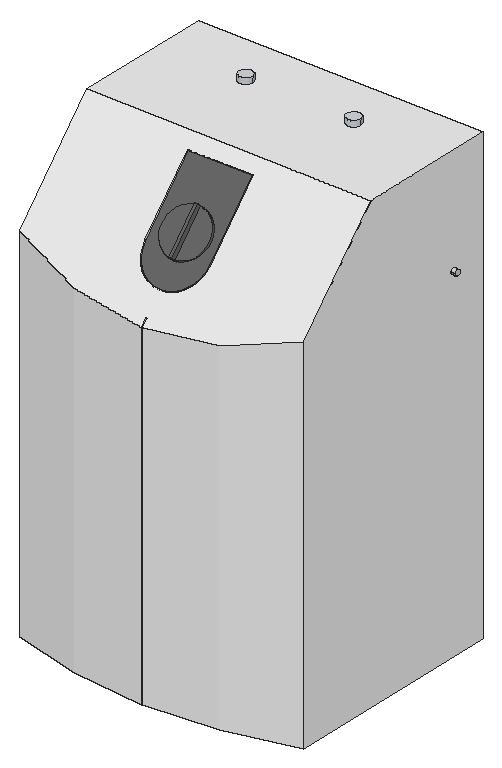
Revit family "Plumbing Fixture_Water Heater_Stiebel Eltron_SNU", category Plumbing Fixtures, Revit 2015
Parameters (values of type "5")
  Waste Connection = no
  Vent Connection = no
  URL = "http://www.stiebel.com.au/"
  Type Comments = "Instantaneous Water Heater"  # constant formula
  Model = "SNU 5"
  Manufacturer_URL__Product Specific = "http://www.stiebel.com.au/water-heating/snu-under-sink-point-of-use-water-heater"
  Manufacturer_Spec Code = Model  # "SNU 5"
  Manufacturer_Overall Width = 263 mm
  Manufacturer_Overall Height = 421 mm
  Manufacturer_Overall Depth = 230 mm
  Manufacturer_Height From FFL [instance] = 250 mm
  Manufacturer = "Stiebel Eltron"  # constant formula
  HW Connection = yes
  Description = "Compact Under Sink Point of Use Water Heater - 5 Litre"
  CreatedBy_ANZRS = "IGS - BIM Solutions"  # constant formula
  CreatedByURL_ANZRS = "http://www.igsgroup.com.au/"
  CW Connection = yes
  Button  Material = z_Stiebel Eltron_Black
  Body Material = z_Stiebel Eltron_White
  ApparentLoad_ANZRS = 2400 VA  # constant formula
Types (2, lengths in mm): name | Model | Manufacturer_Spec Code | Manufacturer_Overall Width | Manufacturer_Overall Height | Manufacturer_Overall Depth | Description
  5 | "SNU 5" | "SNU 5" | 263 | 421 | 230 | "Compact Under Sink Point of Use Water Heater - 5 Litre"
  10 | "SNU 10" | "SNU 10" | 295 | 503 | 275 | "Compact Under Sink Point of Use Water Heater - 10 Litre"
Reference planes
  plane 1 "Center (Front/Back)": y = 0
  plane 2: z = 0
  plane 3 "Center (Left/Right)": x = 0
  plane 4 "Right": x = 131.5
  plane 5 "Left": x = -131.5
  plane 6 "Bottom": z = 250
  plane 7 "top": z = 671
  plane 8 "Back": y = 115
  plane 9 "Front": y = -115
Forms (mm)
  Extrusion 1, solid, material "z_Stiebel Eltron_White" <- "Body Material"
    sketch origin (0, 0, 671) x (-1, 0, 0) y (0, -1, 0)
      loop
        line (131.5, -115) -> (131.5, 115) -> (0.5, 115) -> (0.5, 110) -> (-0.5, 110) -> (-0.5, 115) -> (-131.5, 115) -> (-131.5, -115) -> (131.5, -115)
    from -421 to 0
  Extrusion 2, solid
    sketch origin (-1893.299, -1524, 671) x (-1, 0, 0) y (0, -1, 0)
      loop
        circle (-1843.299, -1591.5) r 6.35
      loop
        circle (-1943.299, -1591.5) r 6.35
    from 4.967 to 0
  Sweep 3, void
    path origin (-112.5, 340, 2900) x (0, 1, 0) y (0, 0, 1)
      loop
        line (-455, -2650) -> (-455, -2229)
    profile origin (-112.5, -115, 460.5) x (0, -1, 0) y (1, 0, 0)
      loop
        line (-80, -124.936) -> (40.737, -124.936) -> (40.737, 349.936) -> (-80, 349.936)
        arc (-80, 349.936) -> (0, 112.5) -> (-80, -124.936) r 392.348
  Sweep 4, void
    path origin (0, -115, 0) x (-1, 0, 0) y (0, 0, 1)
      loop
        line (202.854, 671) -> (-206.874, 671)
    profile origin (2.01, -115, 671) x (0, 0, -1) y (0, 1, 0)
      loop
        line (0, 100) -> (0, 0) -> (108, 0) -> (0, 100)
  Extrusion 5, solid
    sketch origin (131.5, 783.16, 1200) x (0, 1, 0) y (0, 0, -1)
      loop
        circle (-703.16, 629) r 2.5
    from -4.988 to 0
  Extrusion 6, void
    sketch origin (-202.854, -15, 671) x (0, -0.679408, -0.733761) y (1, 0, 0)
      loop
        line (14.026, 232.854) -> (14.026, 172.854) -> (86.881, 172.854)
        arc (86.881, 172.854) -> (116.881, 202.854) -> (86.881, 232.854) r 30
        line (86.881, 232.854) -> (14.026, 232.854)
    from -3.605 to 0
  Extrusion 7, solid, material "z_Stiebel Eltron_Black"
    sketch origin (-202.854, -15, 671) x (0, -0.679408, -0.733761) y (1, 0, 0)
      loop
        circle (71.164, 202.854) r 22
    from 0 to 1.612
  Sweep 8, solid, material "z_Stiebel Eltron_Black"
    path origin (-202.854, -15, 671) x (0, -0.679408, -0.733761) y (1, 0, 0)
      loop
        line (49.163, 202.854) -> (93.163, 202.854)
    profile origin (0, -63.349, 618.783) x (1, 0, 0) y (0, -0.733761, 0.679408)
      loop
        line (-1.169, -2.766) -> (1.18, -2.766) -> (1.18, 5.409) -> (-1.169, 5.409) -> (-1.169, -2.766)
  Sweep 9, solid, material "z_Stiebel Eltron_Black"
    path origin (0, -48.402, 634.926) x (-1, 0, 0) y (0, -0.733761, 0.679408)
      loop
        line (0, -5.028) -> (0, -0.028)
    profile origin (0, -46.547, 633.209) x (1, 0, 0) y (0, 0.679408, 0.733761)
      loop
        line (30, 35.137) -> (-30, 35.137) -> (-30, -37.718)
        arc (-30, -37.718) -> (0, -67.718) -> (30, -37.718) r 30
        line (30, -37.718) -> (30, 35.137)
Cuts and joins
  Sweep 3, Sweep 4, Extrusion 6 cuts Extrusion 1
Lines and regions (mm)
  Masking region 1
    outline origin (0, 0, 0) x (1, 0, 0) y (0, 1, 0)
      loop
        line (-131.5, 115) -> (-131.5, -91.95)
        arc (-131.5, -91.95) -> (0, -115) -> (131.5, -91.95) r 386.621
        line (131.5, -91.95) -> (131.5, 115) -> (-131.5, 115)
  Masking region 2
    outline origin (0, 0, 0) x (1, 0, 0) y (0, 0, 1)
      loop
        line (-131.5, 587.495) -> (-131.5, 250) -> (131.5, 250) -> (131.5, 587.508)
        arc (131.5, 587.508) -> (0.001, 563.001) -> (-131.5, 587.495) r 365.136
  Masking region 3
    outline origin (-112.5, 340, 2900) x (0, 1, 0) y (0, 0, 1)
      loop
        line (-225, -2650) -> (-225, -2229) -> (-355, -2229) -> (-383.553, -2259.837) -> (-387.201, -2256.459) -> (-421.566, -2293.572) -> (-418.047, -2297.091) -> (-455, -2337) -> (-455, -2650) -> (-225, -2650)
  Masking region 4
    outline origin (0, 0, 0) x (1, 0, 0) y (0, 0, 1)
      loop
        line (-131.5, 671) -> (-131.5, 587.495)
        arc (-131.5, 587.495) -> (0.001, 563.001) -> (131.5, 587.508) r 365.136
        line (131.5, 587.508) -> (131.5, 671) -> (-131.5, 671)
  Masking region 5, detail levels fine
    outline origin (0, 0, 0) x (1, 0, 0) y (0, 0, 1)
      loop
        line (-0.5, 250) -> (0.5, 250) -> (0.5, 563.09) -> (0.5, 568.4) -> (-0.5, 568.4) -> (-0.5, 563.055) -> (-0.5, 250)
  symbolic lines, style "Water Storage", detail levels medium+fine
    curve 1: line (-29.997, 0, 660.69) -> (-29.997, 0, 608.968)
    curve 2: line (29.997, 0, 608.968) -> (29.997, 0, 660.69)
    curve 3: line (29.997, 0, 660.69) -> (-29.997, 0, 660.69)
    curve 4: arc (-29.997, 0, 608.968) -> (0, 0, 578.972) -> (29.997, 0, 608.968) r 29.997
    curve 13: spline (21.447, -64.526, 0) -> (20.696, -60.659, 0) -> (18.495, -57.056, 0) -> (14.994, -53.961, 0) -> (10.431, -51.587, 0) -> (5.118, -50.095, 0) -> (-0.584, -49.586, 0) -> (-6.286, -50.095, 0) -> (-11.6, -51.587, 0) -> (-16.163, -53.961, 0) -> (-19.664, -57.056, 0) -> (-21.865, -60.659, 0) -> (-22.615, -64.526, 0) -> (-21.865, -68.392, 0) -> (-19.664, -71.996, 0) -> (-16.163, -75.09, 0) -> (-11.6, -77.464, 0) -> (-6.286, -78.956, 0) -> (-0.584, -79.466, 0) -> (5.118, -78.956, 0) -> (10.431, -77.464, 0) -> (14.994, -75.09, 0) -> (18.495, -71.996, 0) -> (20.696, -68.392, 0) -> (21.447, -64.526, 0)
    curve 14: line (-131.5, -15, 0) -> (131.5, -15, 0)
    curve 15: spline (-21.956, 0, 618.819) -> (-21.208, 0, 622.988) -> (-19.014, 0, 626.872) -> (-15.525, 0, 630.208) -> (-10.978, 0, 632.768) -> (-5.683, 0, 634.377) -> (0, 0, 634.925) -> (5.683, 0, 634.377) -> (10.978, 0, 632.768) -> (15.525, 0, 630.208) -> (19.014, 0, 626.872) -> (21.208, 0, 622.988) -> (21.956, 0, 618.819) -> (21.208, 0, 614.651) -> (19.014, 0, 610.766) -> (15.525, 0, 607.431) -> (10.978, 0, 604.871) -> (5.683, 0, 603.262) -> (0, 0, 602.713) -> (-5.683, 0, 603.262) -> (-10.978, 0, 604.871) -> (-15.525, 0, 607.431) -> (-19.014, 0, 610.766) -> (-21.208, 0, 614.651) -> (-21.956, 0, 618.819)
    curve 16: line (-112.5, -43.553, 640.163) -> (-112.5, -78.047, 602.909)
    curve 17: line (-112.5, -48.402, 634.925) -> (-112.5, -48.402, 250)
  symbolic lines, style "Water Storage", detail levels fine
    curve 5: line (-1.169, 0, 634.902) -> (-1.169, 0, 602.655)
    curve 6: line (1.18, 0, 634.902) -> (1.18, 0, 602.737)
    curve 11: line (-1.169, -49.46, 0) -> (-1.169, -79.46, 0)
    curve 12: line (1.18, -79.46, 0) -> (1.18, -49.46, 0)
  symbolic lines, style "Water Storage"
    curve 7: line (-30, -24.509, 0) -> (-30, -74.007, 0)
    curve 8: line (30, -24.509, 0) -> (-30, -24.509, 0)
    curve 9: line (30, -74.007, 0) -> (30, -24.509, 0)
    curve 10: spline (-30, -74.007, 0) -> (-28.978, -79.283, 0) -> (-25.981, -84.198, 0) -> (-21.213, -88.42, 0) -> (-15, -91.659, 0) -> (-7.765, -93.695, 0) -> (0, -94.39, 0) -> (7.765, -93.695, 0) -> (15, -91.659, 0) -> (21.213, -88.42, 0) -> (25.981, -84.198, 0) -> (28.978, -79.283, 0) -> (30, -74.007, 0)
Text (mm)
  text "\n\n\n\nDisclaimer:\n\nDue to ongoing product development and manufacturing evolution, product details are subject to change without notice.\n\nPlease refer to product technical data sheets on www.stiebel.com.au for the most current product information.\n\nPlease allow a +/- 5mm tolerance for dimensions and set-outs shown in product literature.\n\n© Stiebel Eltron 2016" at (227.693, 239.38, 0), in view "Ref. Level_Instruction"
Dimensions and locks
  "Manufacturer_Height From FFL": plane 6 "Bottom" to plane 2
  equal spacing: plane 9 "Front", plane 1 "Center (Front/Back)", plane 8 "Back"
  "Manufacturer_Overall Depth": plane 8 "Back" to plane 9 "Front"
  equal spacing: plane 5 "Left", plane 3 "Center (Left/Right)", plane 4 "Right"
  "Manufacturer_Overall Width": plane 5 "Left" to plane 4 "Right"
  "Manufacturer_Overall Height": plane 7 "top" to plane 6 "Bottom"
  locked: plane 7 "top" to Masking region 4 sketch curve at 107.999
  aligned and locked: level to plane 2
  aligned and locked: plane 7 "top" to Sweep 3 sketch curve
  aligned and locked: plane 6 "Bottom" to Sweep 3 sketch curve
  aligned and locked: cut or joined group of Extrusion 1, Sweep 3, Sweep 4, Extrusion 6 to plane 6 "Bottom"
  aligned and locked: Sweep 4 sketch curve to plane 7 "top"
  aligned and locked: plane 3 "Center (Left/Right)" to Extrusion 7 sketch curve
  aligned and locked: Masking region 5 sketch curve to cut or joined group of Extrusion 1, Sweep 3, Sweep 4, Extrusion 6
  aligned and locked: Masking region 2 sketch curve to Masking region 4
  aligned and locked: plane 3 "Center (Left/Right)" to Sweep 9 sketch curve
  aligned and locked: Extrusion 6 sketch curve to Sweep 9  (x3)
  aligned and locked: Sweep 8 sketch curve to plane 3 "Center (Left/Right)"
  aligned and locked: Sweep 9 to curve 7
  aligned and locked: curve 8 to Sweep 9
  aligned and locked: curve 9 to Sweep 9
  aligned and locked: Sweep 8 to curve 12
  aligned and locked: curve 14 to cut or joined group of Extrusion 1, Sweep 3, Sweep 4, Extrusion 6
  aligned and locked: Masking region 3 to curve 16
  aligned and locked: Masking region 3 sketch curve to cut or joined group of Extrusion 1, Sweep 3, Sweep 4, Extrusion 6  (x2)
Automatic sketch dimensions
  Sweep 3 sketch curve to plane 9 "Front" = 0 mm
  Extrusion 1 sketch curve to plane 4 "Right" = 0 mm
  Extrusion 1 sketch curve to plane 5 "Left" = 0 mm
  Extrusion 1 sketch curve to plane 8 "Back" = 0 mm
  plane 3 "Center (Left/Right)" to Extrusion 1 sketch curve = 0.5 mm
  plane 9 "Front" to Extrusion 1 sketch curve = 5 mm
  Extrusion 1 sketch curve to plane 9 "Front" = 0 mm  (x2)
  Extrusion 1 sketch curve to plane 3 "Center (Left/Right)" = 0.5 mm
  profile plane to Sweep 3 sketch curve = 112.5 mm
  profile plane to Sweep 3 sketch curve = 392.347 mm
  Sweep 3 sketch curve to profile plane = 40.737 mm
  Sweep 3 sketch curve to profile plane = 124.936 mm
  profile plane to Sweep 3 sketch curve = 80 mm  (x2)
  Sweep 4 sketch curve to plane 4 "Right" = 75.374 mm
  Sweep 4 sketch curve to plane 5 "Left" = 71.354 mm
  profile plane to Sweep 4 sketch curve = 0 mm
  Sweep 4 sketch curve to profile plane = 108 mm
  Sweep 4 sketch curve to plane 9 "Front" = 0 mm
  plane 9 "Front" to Sweep 4 sketch curve = 100 mm
  plane 7 "top" to Extrusion 5 sketch curve = 100 mm
  plane 8 "Back" to Extrusion 5 sketch curve = 35 mm
  plane 3 "Center (Left/Right)" to Extrusion 2 sketch curve = 50 mm
  Extrusion 2 sketch curve to plane 3 "Center (Left/Right)" = 50 mm
  Sweep 4 to Extrusion 7 sketch curve = 71.164 mm
  Masking region 4 sketch curve to plane 4 "Right" = 0 mm
  Masking region 4 sketch curve to plane 3 "Center (Left/Right)" = 0.017 mm
  Masking region 4 sketch curve to plane 5 "Left" = 0 mm
  Masking region 4 sketch curve to plane 7 "top" = 83.492 mm
  plane 7 "top" to Masking region 4 sketch curve = 0 mm
  Sweep 4 to Sweep 8 sketch curve = 49.163 mm
  Sweep 4 to Sweep 8 sketch curve = 54.024 mm
  profile plane to Sweep 8 sketch curve = 1.169 mm
  Sweep 8 sketch curve to profile plane = 2.766 mm
  profile plane to Sweep 8 sketch curve = 5.409 mm
  Sweep 8 to Sweep 9 sketch curve = 2.262 mm
  Sweep 9 sketch curve to profile plane = 0 mm
  profile plane to Sweep 9 sketch curve = 30 mm
  Sweep 9 sketch curve to profile plane = 37.718 mm
  profile plane to Sweep 9 sketch curve = 35.137 mm
  Extrusion 2 sketch curve to plane 1 "Center (Front/Back)" = 67.5 mm  (x2)
  Sweep 8 sketch curve to profile plane = 1.18 mm
  Sweep 9 sketch curve to Sweep 8 = 2.738 mm
  Masking region 2 sketch curve to plane 5 "Left" = 0 mm
  plane 4 "Right" to Masking region 2 sketch curve = 0 mm
  Masking region 2 sketch curve to plane 6 "Bottom" = 0 mm
  Masking region 5 sketch curve to plane 6 "Bottom" = 0 mm
  Masking region 5 sketch curve to plane 3 "Center (Left/Right)" = 0.5 mm
  plane 3 "Center (Left/Right)" to Masking region 5 sketch curve = 0.5 mm
  Masking region 5 sketch curve to Masking region 5 sketch curve = 5.345 mm
  Masking region 5 sketch curve to Masking region 5 sketch curve = 0.035 mm
  plane 9 "Front" to curve 9 = 40.993 mm
  curve 11 to plane 3 "Center (Left/Right)" = 1.169 mm
  curve 13 to plane 3 "Center (Left/Right)" = 0.584 mm
  curve 13 to curve 10 = 8.553 mm
  curve 10 to curve 11 = 24.547 mm
  curve 11 to curve 12 = 0 mm  (x2)
  curve 10 to curve 13 = 9.482 mm
  curve 11 to curve 10 = 5.453 mm
  curve 14 to plane 5 "Left" = 0 mm
  curve 14 to plane 4 "Right" = 0 mm
  curve 4 to plane 3 "Center (Left/Right)" = 0 mm
  curve 15 to plane 3 "Center (Left/Right)" = 0 mm
  curve 3 to plane 7 "top" = 10.31 mm
  curve 1 to curve 1 = 51.722 mm
  curve 5 to plane 3 "Center (Left/Right)" = 1.169 mm
  curve 1 to curve 15 = 8.041 mm
  plane 3 "Center (Left/Right)" to curve 6 = 1.18 mm
  curve 6 to curve 5 = 0 mm
  curve 4 to curve 15 = 9.851 mm
  curve 6 to curve 4 = 6.231 mm
  curve 5 to curve 6 = 0.082 mm
  Masking region 3 sketch curve to plane 6 "Bottom" = 0 mm
  Masking region 3 sketch curve to plane 9 "Front" = 0 mm
  Masking region 3 sketch curve to plane 7 "top" = 0 mm
  Masking region 3 sketch curve to plane 8 "Back" = 0 mm
  plane 9 "Front" to Masking region 3 sketch curve = 33.434 mm
  Masking region 3 sketch curve to Masking region 3 sketch curve = 3.518 mm  (x2)
  Masking region 3 sketch curve to plane 7 "top" = 27.459 mm
  curve 17 to plane 6 "Bottom" = 0 mm
  curve 16 to curve 17 = 29.645 mm
  curve 16 to plane 7 "top" = 30.837 mm
  curve 17 to curve 16 = 4.85 mm
  Masking region 1 sketch curve to plane 5 "Left" = 0 mm
  Masking region 1 sketch curve to plane 3 "Center (Left/Right)" = 0 mm
  Masking region 1 sketch curve to plane 4 "Right" = 0 mm
  Masking region 1 sketch curve to plane 8 "Back" = 0 mm
  plane 9 "Front" to Masking region 1 sketch curve = 23.05 mm
  plane 8 "Back" to Masking region 1 sketch curve = 156.621 mm
  radius of Extrusion 5 sketch curve = 2.5 mm
  radius of Extrusion 2 sketch curve = 6.35 mm  (x2)
  radius of Extrusion 7 sketch curve = 22 mm
Connectors
  piping at (-50, 67.5, 675.967), diameter 12.7, driven by "HW Connection"
    settings: on Extrusion 2, index 4, connector inside diameter 609.6 mm, connector length 0 mm, flow factor 0, pipe flow 0.0 L/s, pressure drop 0.0 Pa, fitting loss kfactor 0, connector angle 0.00°, fixture units 0, engagement length 0 mm, angle of deflection 0.00°, flow configuration 2, flow direction 2, fitting loss method 4, system type 19, joint type 0, gender type 0, connector reference index -1, connector utility 1, adjustable connector no, is connector primary yes, connector description "Hot Water Outlet"
  electrical at (136.488, 80, 571), driven by "ApparentLoad_ANZRS"
    settings: on Extrusion 5, index 5, voltage 230 V, apparent load 2400 VA, apparent load phase1 0 VA, apparent load phase2 0 VA, apparent load phase3 0 VA, power factor 1, load classification "Power", number of poles 1, system type 30, power factor state 1, is connector primary yes, connector utility no, sub classification motor no, connector description "Electric"
  piping at (50, 67.5, 675.967), diameter 12.7, driven by "CW Connection"
    settings: on Extrusion 2, index 6, connector inside diameter 609.6 mm, connector length 0 mm, flow factor 0, pipe flow 0.0 L/s, pressure drop 0.0 Pa, fitting loss kfactor 0, connector angle 0.00°, fixture units 0, engagement length 0 mm, angle of deflection 0.00°, flow configuration 2, flow direction 1, fitting loss method 4, system type 20, joint type 0, gender type 0, connector reference index -1, connector utility 1, adjustable connector no, is connector primary no, connector description "Cold Water Inlet"
